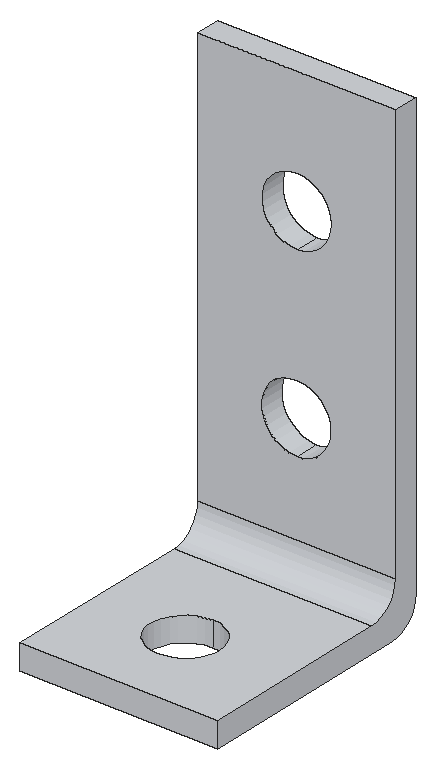
Revit family "MP9", category Generic Models, Revit 2017
Family settings
  Can host rebar = No
  Round Connector Dimension = Use Diameter
  Part Type = Normal
  Work Plane-Based = Yes
  Always vertical = No
  Cut with Voids When Loaded = No
  Shared = No
  Room Calculation Point = No
Parameters (values of type "NBS Standard Parameters")
  Weight = "0.226Kg"
  WarrantyStartDate [instance] = "1900-12-31T23:59:59"
  WarrantyGuarantorParts = "n/a"
  WarrantyGuarantorLabor = "n/a"
  WarrantyDurationUnit = "1 year"
  WarrantyDurationParts = "n/a"
  WarrantyDurationLabor = "n/a"
  WarrantyDescription = "n/a"
  Version = "1"
  Uniclass2 = "Pr_65_70_11_19"
  TagNumber [instance] = "n/a"
  SustainabilityPerformance = "n/a"
  Size = "90 Degree"
  Shape = "Angle"
  SerialNumber [instance] = "n/a"
  Revision = "n/a"
  ReplacementCost = "n/a"
  ProductInformation = "www.metpro.co.uk/pdf/mp9.pdf"
  NominalWidth = 40 mm
  NominalLength = 96 mm
  NominalHeight = 5 mm
  Name = ""
  NBSTypeID = ""
  NBSReference = "90-55-10/305"
  NBSOfficeMasterTag = ""
  NBSNote = ""
  NBSDescription = "Channel Cable Supports"
  NBSCertification = ""
  ModelReference = "MP9"
  ModelNumber = "n/a"
  Material = "Steel"
  ManufacturerURL = "www.metpro.co.uk"
  ManufacturerName = "Metpro Ltd"
  Keynote = "Compliant to LU standard 1-085"
  InstallationDate [instance] = "1900-12-31T23:59:59"
  IfcExportType = ""
  IfcExportAs = ""
  Grade = "n/a"
  Finish = "Hot Dipped Galvanised"
  Features = "n/a"
  ExpectedLife = "n/a"
  DurationUnit = "year"
  Description = "MP9      1+2 Hole 90 degree Bracket"
  Default Elevation = 1219.2 mm
  Constituents = "n/a"
  Color = "n/a"
  CodePerformance = "n/a"
  Category = "n/a"
  BarCode [instance] = "n/a"
  BIMObjectName = "metpro_metprolibrary_channelcablesupports_channelbracket"
  Author = "Metpro Ltd"
  AssetType = ""
  AssetIdentifier [instance] = "n/a"
  AccessibilityPerformance = "n/a"
Reference planes
  plane 1 "Center (Front/Back)": y = 0
  plane 2: z = 0
  plane 3 "Center (Left/Right)": x = 0
Forms (mm)
  Extrusion 1, solid
    sketch origin (28, -9.718, 20.148) x (0, 0, -1) y (0, 1, 0)
      loop
        line (-47.852, 0) -> (-47.852, -5) -> (37.148, -5)
        arc (37.148, -5) -> (41.391, -6.757) -> (43.148, -11) r 6
        line (43.148, -11) -> (43.148, -50) -> (48.148, -50) -> (48.148, -6)
        arc (48.148, -6) -> (46.391, -1.757) -> (42.148, 0) r 6
        line (42.148, 0) -> (-47.852, 0)
    from 0 to 40
  Extrusion 2, void
    sketch origin (28, -12.217, -23) x (1, 0, 0) y (0, -1, 0)
      loop
        circle (19.117, 29.59) r 7
    from 0 to 5
  Extrusion 3, void
    sketch origin (29.286, -14.718, -23) x (0, 0, -1) y (-1, 0, 0)
      loop
        circle (-65.615, -18.756) r 7
      loop
        circle (-28.084, -18.621) r 7
    from 0 to 5
Cuts and joins
  Extrusion 2, Extrusion 3 cuts Extrusion 1
Dimensions and locks
  aligned and locked: level to plane 2
